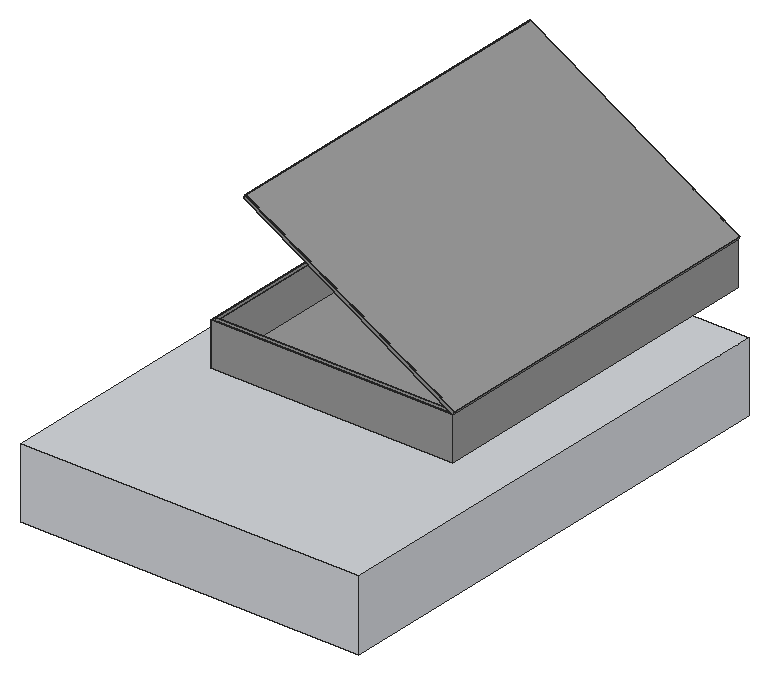
Revit family "Hager-Univers-IP54-D205-H550-Cl.I-Encl-CH-it", category Equipement électrique, Revit 2020
Family settings
  Hôte = Face
  Configuration du panneau = Deux colonnes, circuits au sein
  Cote de connecteur circulaire = Utiliser le diamètre
  Type d'élément = Tableau de raccordement
  Couper avec des vides une fois chargée = Non
  Partagée = Non
  Point de calcul de pièce = Non
Parameters (values of type "A parete IP54 L1050 A1550 P205  - FP04TW2")
  Width Control [instance] = if([EF000008 - Larghezza] > Min Width, [EF000008 - Larghezza], Min Width)  # 1050 mm
  Commentaires du type = [HG000003 - Gamma]  # "Univers"
  Thickness Door [instance] = if([EF009171 - spessore materiale porta/coperchio] > 3 mm, 3 mm, [EF009171 - spessore materiale porta/coperchio])  # 1 mm
  Seal Frame Offset [instance] = 17 mm  # constant formula
  Plinth Visibility [instance] = [HG000027 - Altezza dello zoccolo] > 0 mm  # no
  Model = ""
  Min Width [instance] = 100 mm  # constant formula
  Min Height [instance] = 100 mm  # constant formula
  Min Depth [instance] = (2 * [EF009170 - spessore materiale scatola]) + 1 mm  # 3 mm
  Internal Frame Depth [instance] = (Door System Depth * 0.5)  # 9 mm
  Height Control [instance] = if([EF000040 - Altezza] > Min Height, [EF000040 - Altezza], Min Height)  # 1550 mm
  HG000027 - Altezza dello zoccolo = 0 mm
  HG000026 - A pavimento = no
  HG000024 - Altezza della sezione inferiore = 800 mm
  HG000023 - Custodia a doppia sezione = no
  HG000016 - Visibilità delle porte nella vista 3D [instance] = yes
  HG000015 - Visibilità attraverso la porta [instance] = no
  HG000014 - Porta destra [instance] = yes
  HG000013 - Porta sinistra [instance] = not([HG000014 - Porta destra])  # no
  HG000012 - Angolo di apertura della porta [instance] = 30.00°
  HG000010 - Porte asimmetriche = no
  HG000009 - Porta doppia a battente = no
  HG000006 - Ad incasso = no
  HG000004 - Codice produttore = "FP04TW2"
  HG000003 - Gamma = "Univers"
  HG000002 - Con porta = yes
  Frame Offset Bottom [instance] = 10 mm  # constant formula
  Frame Offset [instance] = 15 mm  # constant formula
  EF015940 - Coprire con rilascio di sovrapressione = no
  EF011959 - tipo di protezione (NEMA) = ""
  EF009554 - numero delle aperture per la piastra della flangia = 8
  Fabricant = "Hager"  # constant formula
  EF009212 - esecuzione coperchio = "EV000116 - chiuso"
  EF009171 - spessore materiale porta/coperchio = 1 mm
  EF009170 - spessore materiale scatola = 1 mm
  EF008873 - corrente nominale (In) = 400 A
  EF007800 - adatto per parafulmine = no
  EF006306 - con serratura = no
  EF006244 - coperchio/porta trasparente = no
  EF005474 - grado di protezione (IP) = "EV006419 - IP54"
  EF004464 - tipo di porta = "EV003602 - doppio"
  EF004427 - numero di moduli = 480
  EF004293 - resistenza agli urti = "EV006815 - IK09"
  EF003532 - adatto per uso esterno = no
  EF002950 - Numero moduli DIN = 48
  EF001613 - Integrità del circuito = "EV000494 - senza"
  EF001596 - Attacco Lampada = "EV000179 - acciaio"
  EF001131 - profondità interna = 205 mm
  EF001088 - possibilità di applicazione = yes
  EF000437 - numero di ingressi per conduttori = 8
  EF000339 - tipo di copertura = "EV001012 - coperchio"
  EF000266 - numero di file = 10
  EF000218 - profondità di incasso = 205 mm
  EF000118 - con piastra di montaggio = no
  EF000116 - numero RAL = "9010"
  EF000049 - profondità = 205 mm
  EF000040 - Altezza = 1550 mm
  EF000008 - Larghezza = 1050 mm
  EF000007 - colore = "EV000202 - bianco"
  EF000003 - Tipo di montaggio = "EV000384 - A parete"
  Door System Leaf Tolerance [instance] = 1.5 mm  # constant formula
  Door System Depth [instance] = 18 mm  # constant formula
  Door Height [instance] = Height Control - [HG000027 - Altezza dello zoccolo]  # 1550 mm
  Depth Control [instance] = if([EF000049 - profondità] > Min Depth, [EF000049 - profondità], Min Depth)  # 205 mm
  Default Elevation = 0 mm
  Connector Offset [instance] = Height Control / 2  # 775 mm
  Bottom Top Plate Trim [instance] = 1.5 mm  # constant formula
  Plinth height Ctrl [instance] = if([HG000027 - Altezza dello zoccolo] > 0 mm, [HG000027 - Altezza dello zoccolo], 12 mm)  # 12 mm
Reference planes
  plane 1 "Center (Front/Back)": y = 0
  plane 2: z = 0
  plane 3 "Center (Left/Right)": x = 0
  plane 4: z = 205
  plane 5: y = 1
  plane 6: y = 775
  plane 7: y = 0
  plane 8: y = 1550
  plane 9: z = 0
  plane 10: x = -510
  plane 11: x = 510
  plane 12: x = 509
  plane 13: x = -509
  plane 14: y = 1549
  plane 15: x = -508
  plane 16: x = -525
  plane 17: x = 508
  plane 18: x = 525
  plane 19: x = 524
  plane 20: x = -524
  plane 21: y = 11
  plane 22: y = 1550
  plane 23: y = 1534
  plane 24: z = 187
  plane 25: z = 1
  plane 26: z = 186
  plane 27: z = 204
Forms (mm)
  Extrusion 1, solid
    sketch origin (0, 0, 0) x (1, 0, 0) y (0, 1, 0)
      loop
        line (-702.964, 1305) -> (-702.964, -811.445) -> (766.763, -811.445) -> (766.763, 1305) -> (-702.964, 1305)
    from 0 to -304.8
  Extrusion 2, solid, material "Hager_Steel_RAL7035_Light_Grey", visible <- "Plinth Visibility", detail levels medium+fine
    sketch origin (0, 0, 0) x (1, 0, 0) y (0, 1, 0)
      loop
        line (-525, 0) -> (525, 0) -> (525, 12) -> (-525, 12) -> (-525, 0)
    from 0 to 187
  Extrusion 3, solid, material "Hager_Steel_RAL7035_Light_Grey", detail levels medium+fine
    sketch origin (0, 0, 0) x (1, 0, 0) y (0, 1, 0)
      loop
        line (-525, 0) -> (525, 0) -> (525, 1550) -> (-525, 1550) -> (-525, 0)
    from 0 to 187
  Extrusion 4, void
    sketch origin (0, 0, 0) x (1, 0, 0) y (0, 1, 0)
      loop
        line (-524, 1) -> (524, 1) -> (524, 1549) -> (-524, 1549) -> (-524, 1)
    from 1 to 186
  Extrusion 5, void
    sketch origin (-381.607, -4572, 187) x (0, -1, 0) y (-1, 0, 0)
      loop
        line (-4583, 127.393) -> (-6106, 127.393) -> (-6106, -890.607) -> (-4583, -890.607) -> (-4583, 127.393)
    from 0 to 1 <- "EF009170 - spessore materiale scatola"
  Extrusion 6, solid, material "Hager_Steel_RAL7035_Light_Grey", detail levels fine
    sketch origin (0, 0, 187) x (1, 0, 0) y (0, 1, 0)
      loop
        line (-509, 1534) -> (-509, 11) -> (509, 11) -> (509, 1534) -> (-509, 1534)
      loop
        line (-510, 10) -> (510, 10) -> (510, 1535) -> (-510, 1535) -> (-510, 10)
    from 0 to 9 <- "Internal Frame Depth"
  Extrusion 7, solid, material "Hager_Steel_RAL7035_Light_Grey", detail levels coarse
    sketch origin (0, 0, 0) x (1, 0, 0) y (0, 1, 0)
      loop
        line (-525, 0) -> (525, 0) -> (525, 1550) -> (-525, 1550) -> (-525, 0)
    from 0 to 205
  Sweep 8, void
    path in 3D
      loop
        line (-525, 12, 0) -> (525, 12, 0) -> (525, 12, 187) -> (-525, 12, 187) -> (-525, 12, 0)
    profile origin (-525, 12, 93.5) x (-1, 0, 0) y (0, -1, 0)
      loop
        line (0, 0) -> (0, 1.5) -> (-1.5, 1.5)
        arc (-1.5, 1.5) -> (-1.061, 0.439) -> (0, 0) r 1.5
Cuts and joins
  Extrusion 4, Extrusion 5 cuts Extrusion 3
  Sweep 8 cuts Extrusion 2
Lines and regions (mm)
  Masking region 1
    outline origin (0, 0, 0) x (1, 0, 0) y (0, 0, 1)
      loop
        line (-525, 205) -> (-525, 0) -> (525, 0) -> (525, 205) -> (-525, 205)
  Masking region 2, detail levels medium+fine
    outline origin (0, 140, 0) x (0, 1, 0) y (0, 0, 1)
      loop
        line (-140, 0) -> (1410, 0) -> (1410, 187) -> (-140, 187) -> (-140, 0)
  Masking region 3, not visible, detail levels medium+fine
    outline origin (0, 297.922, 0) x (0, 1, 0) y (0, 0, 1)
      loop
        line (488.578, 0) -> (528.578, 0) -> (528.578, 194)
        arc (528.578, 194) -> (525.649, 201.071) -> (518.578, 204) r 10
        line (518.578, 204) -> (488.578, 204) -> (488.578, 0)
  Masking region 4, detail levels coarse
    outline origin (0, 0, 180) x (0, 1, 0) y (0, 0, 1)
      loop
        line (0, -180) -> (1550, -180) -> (1550, 25) -> (0, 25) -> (0, -180)
  Masking region 5, visible <- "Plinth Visibility", detail levels medium+fine
    outline origin (0, 52.24, 12.345) x (0, 0, -1) y (0, 1, 0)
      loop
        line (10.845, -40.24) -> (-173.155, -40.24)
        arc (-173.155, -40.24) -> (-173.594, -41.301) -> (-174.655, -41.74) r 1.5
        line (-174.655, -41.74) -> (-174.655, -52.24) -> (12.345, -52.24) -> (12.345, -41.74)
        arc (12.345, -41.74) -> (11.285, -41.301) -> (10.845, -40.24) r 1.5
  Masking region 6, detail levels medium+fine
    outline origin (-381.607, -4572, 187) x (-1, 0, 0) y (0, -1, 0)
      loop
        line (143.393, -6122) -> (143.393, -4572) -> (-906.607, -4572) -> (-906.607, -6122) -> (143.393, -6122)
  Masking region 7, visible <- "Plinth Visibility", detail levels medium+fine
    outline origin (-381.607, -4727, 187) x (-1, 0, 0) y (0, -1, 0)
      loop
        arc (141.893, -4739) -> (142.332, -4737.939) -> (143.393, -4737.5) r 1.5
        line (143.393, -4737.5) -> (143.393, -4727) -> (-906.607, -4727) -> (-906.607, -4737.5)
        arc (-906.607, -4737.5) -> (-905.546, -4737.939) -> (-905.107, -4739) r 1.5
        line (-905.107, -4739) -> (141.893, -4739)
  Masking region 8, detail levels coarse
    outline origin (-442.548, -4669.526, 187) x (-1, 0, 0) y (0, -1, 0)
      loop
        line (82.452, -6219.526) -> (82.452, -4669.526) -> (-967.548, -4669.526) -> (-967.548, -6219.526) -> (82.452, -6219.526)
  sketch lines
    curve 1: line (-525, 12, 187) -> (-525, 12, 0)
    curve 2: line (525, 12, 187) -> (-525, 12, 187)
    curve 3: line (525, 12, 187) -> (525, 12, 0)
    curve 4: line (-525, 12, 0) -> (525, 12, 0)
Dimensions and locks
  "Depth Control": plane 4 to Extrusion 1
  "HG000027 - Altezza dello zoccolo": plane 1 "Center (Front/Back)" to plane 7
  "EF009170 - spessore materiale scatola": plane 5 to plane 7
  locked: connector elem to plane 3 "Center (Left/Right)"
  equal spacing: plane 8, plane 6, plane 7
  locked: connector elem to plane 6
  "EF009170 - spessore materiale scatola": plane 8 to plane 14
  "EF009170 - spessore materiale scatola": plane 10 to plane 13
  "EF009170 - spessore materiale scatola": plane 12 to plane 11
  "Frame Offset": plane 20 to plane 13
  "Frame Offset": plane 12 to plane 19
  "EF009170 - spessore materiale scatola": plane 16 to plane 20
  "EF009170 - spessore materiale scatola": plane 19 to plane 18
  "Seal Frame Offset": plane 16 to plane 15
  "Seal Frame Offset": plane 17 to plane 18
  "Frame Offset Bottom": plane 21 to plane 5
  "Frame Offset": plane 14 to plane 23
  equal spacing: plane 16, plane 3 "Center (Left/Right)", plane 18
  "Width Control": plane 16 to plane 18
  "EF009170 - spessore materiale scatola": plane 4 to plane 27
  "EF009170 - spessore materiale scatola": plane 24 to plane 26
  "EF009170 - spessore materiale scatola": plane 25 to level
  "Door System Depth": plane 4 to plane 24
  "Height Control": plane 1 "Center (Front/Back)" to Extrusion 7 sketch curve
  "Height Control": Masking region 4 sketch curve to plane 1 "Center (Front/Back)"
  "Height Control": plane 1 "Center (Front/Back)" to plane 22
  "Bottom Top Plate Trim": profile plane to Sweep 8 sketch curve
  "Bottom Top Plate Trim": Sweep 8 sketch curve to profile plane
  "Plinth height Ctrl": plane 1 "Center (Front/Back)" to Extrusion 2 sketch curve
  "Plinth height Ctrl": Masking region 5 sketch curve to plane 1 "Center (Front/Back)"
  "Plinth height Ctrl": plane 1 "Center (Front/Back)" to Masking region 7 sketch curve
  "Thickness Door": Extrusion 6 sketch curve to Extrusion 6 sketch curve  (x3)
  "Thickness Door": cut or joined group of Extrusion 3, Extrusion 4, Extrusion 5 to Extrusion 6 sketch curve
  radius of Masking region 3 sketch curve = 10 mm
  "Bottom Top Plate Trim": radius of Masking region 5 sketch curve  (x2)
  "Bottom Top Plate Trim": radius of Sweep 8 sketch curve
  "Bottom Top Plate Trim": radius of Masking region 7 sketch curve  (x2)
  aligned and locked: plane 2 to Extrusion 1
  aligned and locked: level to Extrusion 1
  aligned and locked: level to Masking region 1 sketch curve
  aligned and locked: Masking region 1 sketch curve to plane 18
  aligned and locked: Masking region 1 sketch curve to plane 16
  aligned and locked: plane 7 to Masking region 2 sketch curve
  aligned and locked: level to Masking region 3 sketch curve
  aligned and locked: Masking region 3 sketch curve to plane 27
  aligned and locked: level to Masking region 2 sketch curve
  aligned and locked: plane 1 "Center (Front/Back)" to Extrusion 2 sketch curve
  aligned and locked: Extrusion 3 sketch curve to plane 7
  aligned and locked: plane 16 to Extrusion 3 sketch curve
  aligned and locked: plane 18 to Extrusion 3 sketch curve
  aligned and locked: plane 20 to Extrusion 4 sketch curve
  aligned and locked: plane 19 to Extrusion 4 sketch curve
  aligned and locked: Extrusion 4 sketch curve to plane 5
  aligned and locked: Extrusion 4 to plane 25
  aligned and locked: plane 26 to Extrusion 4
  aligned and locked: plane 24 to Extrusion 3
  aligned and locked: Extrusion 5 sketch curve to plane 21
  aligned and locked: Extrusion 5 sketch curve to plane 13
  aligned and locked: Extrusion 5 sketch curve to plane 12
  aligned and locked: plane 18 to Extrusion 7 sketch curve
  aligned and locked: plane 1 "Center (Front/Back)" to Extrusion 7 sketch curve
  aligned and locked: plane 16 to Extrusion 7 sketch curve
  aligned and locked: plane 4 to Extrusion 7
  aligned and locked: Extrusion 7 to level
  aligned and locked: level to Masking region 4 sketch curve
  aligned and locked: Masking region 4 sketch curve to plane 1 "Center (Front/Back)"
  aligned and locked: Masking region 4 sketch curve to plane 4
  aligned and locked: nested 1 to level
  aligned and locked: nested 1 to plane 16
  aligned and locked: Extrusion 3 sketch curve to plane 8
  aligned and locked: Extrusion 5 sketch curve to plane 23
  aligned and locked: Extrusion 4 sketch curve to plane 14
  aligned and locked: Masking region 2 sketch curve to plane 8
  aligned and locked: level to Masking region 5 sketch curve
  aligned and locked: plane 16 to Extrusion 2 sketch curve
  aligned and locked: plane 18 to Extrusion 2 sketch curve
  aligned and locked: Masking region 5 sketch curve to plane 24
  aligned and locked: Masking region 2 sketch curve to plane 24
  aligned and locked: plane 24 to Extrusion 2
  aligned and locked: profile plane to Sweep 8 sketch curve  (x2)
  aligned and locked: Masking region 6 sketch curve to plane 18
  aligned and locked: Masking region 6 sketch curve to plane 22
  aligned and locked: Masking region 6 sketch curve to plane 16
  aligned and locked: plane 8 to plane 22
  aligned and locked: Masking region 6 sketch curve to plane 7
  aligned and locked: Masking region 7 sketch curve to plane 16
  aligned and locked: Masking region 7 sketch curve to plane 1 "Center (Front/Back)"
  aligned and locked: Masking region 7 sketch curve to plane 18
  aligned and locked: Masking region 8 sketch curve to plane 1 "Center (Front/Back)"
  aligned and locked: Masking region 8 sketch curve to plane 18
  aligned and locked: Masking region 8 sketch curve to plane 22
  aligned and locked: Masking region 8 sketch curve to plane 16
  aligned and locked: nested 2 to plane 7
  aligned and locked: plane 3 "Center (Left/Right)" to nested 2
  aligned and locked: nested 2 to plane 24
  aligned and locked: Extrusion 6 sketch curve to cut or joined group of Extrusion 3, Extrusion 4, Extrusion 5  (x4)
Automatic sketch dimensions
  Extrusion 1 sketch curve to Extrusion 1 sketch curve = 1469.727 mm
  Extrusion 1 sketch curve to Extrusion 1 sketch curve = 2116.445 mm
  Masking region 1 sketch curve to plane 4 = 0 mm
  plane 6 to Masking region 3 sketch curve = 11.5 mm
  Masking region 3 sketch curve to Masking region 3 sketch curve = 30 mm
  Masking region 5 sketch curve to plane 1 "Center (Front/Back)" = 0 mm
Nested families
  nested 1: "Hager_Enclosure_Symbol" at (-525, 0, 0) x (1, 0, 0) z (0, -1, 0), Height <- "Depth Control", Width <- "Width Control", type "Hager_Enclosure_Symbol"
    with Width_Ctrl 1050 mm, Width 1050 mm, Height_Ctrl 205 mm, Height 205 mm, A_Width_Int 13.453 mm, A_Width 161.438 mm, A_Height_Ctrl 179.375 mm, A_Height 179.375 mm
  nested 2: "EC000058_Univers_Door" at (0, 0, 187) x (1, 0, 0) z (0, 1, 0), Leaf_Tolerance <- "Door System Leaf Tolerance", Angle <- "HG000012 - Angolo di apertura della porta", Door_Depth <- "Door System Depth", Door_Left <- "HG000013 - Porta sinistra", Transparent <- "EF006244 - coperchio/porta trasparente", Assymetrical <- "HG000010 - Porte asimmetriche", Width <- "Width Control", Clearance <- "HG000015 - Visibilità attraverso la porta", Double <- "HG000009 - Porta doppia a battente", 3d_Door <- "HG000016 - Visibilità delle porte nella vista 3D", Lock_Visibility <- "EF006306 - con serratura", Width_Ctrl <- "Width Control", Door_Right <- "HG000014 - Porta destra", Door <- "HG000002 - Con porta", Height <- "Door Height", Thickness <- "Thickness Door", type "EC000058_Univers_Door", detail levels medium+fine
    with min_wh 3 mm, Width_Ctrl 1050 mm, Width 1050 mm, Transparent no, Thickness 1 mm, Seal_Material Hager_Rubber, Lock_Visibility no, Lock_Material Hager_Plastic_RAL9005_Jet_Black, Leaf_Width 1050 mm, Leaf_Tolerance_External_Sides 0 mm, Leaf_Tolerance 1.5 mm, Leaf_Offset 0 mm, Leaf_Height 1547 mm, Leaf_2_Width 1050 mm, Leaf_2_Offset 525 mm, Leaf_1_Width 1050 mm, Leaf_1_Offset 525 mm, Height_Ctrl 1550 mm, Height 1550 mm, Glass_Material Hager_Glass, Double_Clearance_Ctrl no, Double no, Door_Right_Ctrl yes, Door_Right yes, Door_Material Hager_Steel_RAL7035_Light_Grey, Door_Left_Ctrl no, Door_Left no, Door_Depth 18 mm, Door yes, Clearance_Material Hager_Clearance, Clearance_Depth 1050 mm, Clearance_Ctrl no, Clearance no, Assymetrical no, Angle 30.00°, 3d_Door yes
Connectors
  electrical at (0, 775, 0)
    settings: on plane 9, index 1, voltage 0 V, apparent load 0 VA, apparent load phase1 0 VA, apparent load phase2 0 VA, apparent load phase3 0 VA, power factor 1, load classification "Other", number of poles 1, system type 30, power factor state 1, is connector primary yes, connector utility no, sub classification motor no, connector description ""
Definition of nested family "EC000058_Univers_Door"
  Parameters (values of type "EC000058_Univers_Door")
    min_wh [instance] = (2 * Thickness) + 1 mm  # 11 mm
    Width_Ctrl [instance] = 400 mm
    Width [instance] = 500 mm
    Transparent [instance] = yes
    Thickness [instance] = 5 mm
    Seal_Material [instance] = none
    Lock_Visibility [instance] = yes
    Lock_Material [instance] = none
    Leaf_Width [instance] = if((Width_Ctrl - 2 * Leaf_Tolerance_External_Sides) > 0 mm, (Width_Ctrl - 2 * Leaf_Tolerance_External_Sides), min_wh)  # 400 mm
    Leaf_Tolerance_External_Sides [instance] = 0 mm  # constant formula
    Leaf_Tolerance [instance] = 1.5 mm
    Leaf_Offset [instance] = 0 mm  # constant formula
    Leaf_Height [instance] = if((Height_Ctrl - 2 * Leaf_Tolerance) > 0 mm, (Height_Ctrl - 2 * Leaf_Tolerance), min_wh)  # 497 mm
    Leaf_2_Width [instance] = if(and(and(Double, Assymetrical), Door_Left), (Leaf_Width / 3) - (Leaf_Tolerance / 2), if(and(and(Double, Assymetrical), Door_Right), (Leaf_Width / 3) * 2 - (Leaf_Tolerance / 2), if(and(Double, not(Assymetrical)), (Leaf_Width / 2) - Leaf_Tolerance, Leaf_Width)))  # 400 mm
    Leaf_2_Offset [instance] = if(and(Double, Assymetrical), Leaf_2_Width / 2, if(and(Double, not(Assymetrical)), Leaf_Width / 4, Leaf_Width / 2))  # 200 mm
    Leaf_1_Width [instance] = if(and(and(Double, Assymetrical), Door_Right), (Leaf_Width / 3) - (Leaf_Tolerance / 2), if(and(and(Double, Assymetrical), Door_Left), (Width / 3) * 2 - (Leaf_Tolerance / 2), if(and(Double, not(Assymetrical)), (Leaf_Width / 2) - Leaf_Tolerance, Leaf_Width)))  # 400 mm
    Leaf_1_Offset [instance] = if(and(Double, Assymetrical), Leaf_1_Width / 2, if(and(Double, not(Assymetrical)), Leaf_Width / 4, Leaf_Width / 2))  # 200 mm
    Height_Ctrl [instance] = if(Height > min_wh, Height, min_wh)  # 500 mm
    Height [instance] = 500 mm
    Glass_Material [instance] = none
    Double_Clearance_Ctrl [instance] = and(Double, Clearance)  # no
    Double [instance] = no
    Door_Right_Ctrl [instance] = and(or(Door_Right, Double), Door)  # yes
    Door_Right [instance] = yes
    Door_Material [instance] = none
    Door_Left_Ctrl [instance] = and(or(Door_Left, Double), Door)  # no
    Door_Left [instance] = no
    Door_Depth [instance] = 30 mm
    Door [instance] = yes
    Default Elevation = 1219.2 mm
    Clearance_Material [instance] = none
    Clearance_Depth [instance] = if(Leaf_1_Width > Leaf_2_Width, Leaf_1_Width, Leaf_2_Width)  # 400 mm
    Clearance_Ctrl [instance] = and(not(Double), Clearance)  # yes
    Clearance [instance] = yes
    Assymetrical [instance] = yes
    Angle [instance] = 30.00°
    3d_Door [instance] = yes
  Reference planes
    plane 1 "Center (Front/Back)": y = 0
    plane 2 "Bottom": z = 0
    plane 3 "Center (Left/Right)": x = 0
    plane 4: z = 500
    plane 5: x = -200
    plane 6: x = 200
    plane 7: z = 500
    plane 8: x = -200
    plane 9: z = 0
    plane 10: x = 200
    plane 11: y = 0
    plane 12: z = 1.5
    plane 13: x = -600
    plane 14: y = -400
    plane 15: x = 600
    plane 16: x = 0
    plane 17: x = 0
    plane 18: x = -200
    plane 19: x = 200
    plane 20: z = 498.5
  Forms (mm)
    Extrusion 1, solid, material <- "Clearance_Material", visible <- "Double_Clearance_Ctrl"
      sketch origin (1200, 0, 0) x (1, 0, 0) y (0, 0, -1)
        loop
          line (-1800, -498.5) -> (-600, -498.5) -> (-600, 0) -> (-1800, 0) -> (-1800, -498.5)
      from 0 to -400
  Dimensions and locks
    equal spacing: plane 5, plane 3 "Center (Left/Right)", plane 6
    "Width_Ctrl": plane 5 to plane 6
    "Leaf_Offset": plane 5 to plane 8
    "Leaf_Offset": plane 6 to plane 10
    "Leaf_Offset": plane 9 to level
    "Leaf_Offset": plane 4 to plane 7
    "Height_Ctrl": plane 4 to level
    "Leaf_Tolerance": plane 12 to plane 9
    locked: plane 11 to plane 1 "Center (Front/Back)"
    "Leaf_1_Offset": plane 18 to plane 16
    "Leaf_2_Offset": plane 17 to plane 19
    "Leaf_1_Width": plane 13 to plane 8
    "Leaf_2_Width": plane 10 to plane 15
    "Clearance_Depth": plane 14 to plane 1 "Center (Front/Back)"
    "Leaf_Tolerance_External_Sides": plane 8 to plane 18
    "Leaf_Tolerance_External_Sides": plane 19 to plane 10
    "Leaf_Tolerance": plane 7 to plane 20
    aligned and locked: level to plane 2 "Bottom"
    aligned and locked: nested 1 to plane 16
    aligned and locked: nested 2 to plane 17
    aligned and locked: Extrusion 1 to plane 13
    aligned and locked: plane 15 to Extrusion 1
    aligned and locked: Extrusion 1 to plane 14
    aligned and locked: plane 12 to nested 1
    aligned and locked: nested 2 to plane 12
    aligned and locked: Extrusion 1 to plane 11
    aligned and locked: plane 20 to Extrusion 1
    aligned and locked: nested 2 to plane 11
    aligned and locked: nested 1 to plane 11
  Automatic sketch dimensions
    Extrusion 1 sketch curve to level = 0 mm
    plane 5 to Extrusion 1 sketch curve = 400 mm
    plane 6 to Extrusion 1 sketch curve = 400 mm
    Extrusion 1 sketch curve to plane 4 = 1.5 mm
  Nested families
    nested 1: "EC000058_Univers_Door_Leaf" at (0, 0, 1.5), Width <- "Leaf_1_Width", visible <- "Door_Left_Ctrl", Leaf_Height <- "Leaf_Height", Angle <- "Angle", 3d_Door <- "3d_Door", Transparent <- "Transparent", Clearance Material <- "Clearance_Material", Clearance <- "Clearance_Ctrl", Door_Material <- "Door_Material", Glass_Material <- "Glass_Material", Door_Depth <- "Door_Depth", Lock_Material <- "Lock_Material", Seal_Material <- "Seal_Material", Lock_Visibility <- "Lock_Visibility", Thickness <- "Thickness", type "EC000058_Univers_Door_Leaf"
      with Width 400 mm, Transparent_Glass_Offset 30 mm, Transparent_Ctrl yes, Transparent yes, Thickness 5 mm, Standard no, Seal_Material none, Seal_D2 8 mm, Seal_D1 1 mm, Offset_Internal_Frame 10 mm, Lock_Width 20 mm, Lock_Visibility_3d yes, Lock_Visibility yes, Lock_Thickness_3 3 mm, Lock_Thickness_2 1 mm, Lock_Thickness_1 3 mm, Lock_Radius_Offset_2 16 mm, Lock_Radius_Offset_1 15 mm, Lock_Radius_2 5 mm, Lock_Radius 6 mm, Lock_Offset 5 mm, Lock_Material none, Lock_Height 80 mm, Lock_Cover_Top_Offset_2d 17 mm, Lock_Cover_Height -65 mm, Leaf_Height 497 mm, Internal_Seal_Thickness 8 mm, Internal_Seal_Depth_2 4.5 mm, Internal_Frame_Depth 25 mm, Glass_Thickness -1 mm, Glass_Offset -2 mm, Glass_Material none, Door_Material none, Door_Depth 30 mm, Clearance Material none, Clearance yes, Angle_Ctrl 30.00°, Angle 30.00°, 3d_Door yes
    nested 2: "EC000058_Univers_Door_Leaf" at (0, 0, 1.5) x (-1, 0, 0) z (0, 0, 1), Width <- "Leaf_2_Width", visible <- "Door_Right_Ctrl", Leaf_Height <- "Leaf_Height", Angle <- "Angle", 3d_Door <- "3d_Door", Transparent <- "Transparent", Clearance Material <- "Clearance_Material", Clearance <- "Clearance_Ctrl", Door_Material <- "Door_Material", Glass_Material <- "Glass_Material", Door_Depth <- "Door_Depth", Lock_Material <- "Lock_Material", Seal_Material <- "Seal_Material", Lock_Visibility <- "Lock_Visibility", Thickness <- "Thickness", type "EC000058_Univers_Door_Leaf"
      with Width 400 mm, Transparent_Glass_Offset 30 mm, Transparent_Ctrl yes, Transparent yes, Thickness 5 mm, Standard no, Seal_Material none, Seal_D2 8 mm, Seal_D1 1 mm, Offset_Internal_Frame 10 mm, Lock_Width 20 mm, Lock_Visibility_3d yes, Lock_Visibility yes, Lock_Thickness_3 3 mm, Lock_Thickness_2 1 mm, Lock_Thickness_1 3 mm, Lock_Radius_Offset_2 16 mm, Lock_Radius_Offset_1 15 mm, Lock_Radius_2 5 mm, Lock_Radius 6 mm, Lock_Offset 5 mm, Lock_Material none, Lock_Height 80 mm, Lock_Cover_Top_Offset_2d 17 mm, Lock_Cover_Height -65 mm, Leaf_Height 497 mm, Internal_Seal_Thickness 8 mm, Internal_Seal_Depth_2 4.5 mm, Internal_Frame_Depth 25 mm, Glass_Thickness -1 mm, Glass_Offset -2 mm, Glass_Material none, Door_Material none, Door_Depth 30 mm, Clearance Material none, Clearance yes, Angle_Ctrl 30.00°, Angle 30.00°, 3d_Door yes
  Definition of nested family "EC000058_Univers_Door_Leaf"
    Parameters (values of type "EC000058_Univers_Door_Leaf")
      Width [instance] = 2000 mm
      Transparent_Glass_Offset [instance] = 30 mm
      Transparent_Ctrl [instance] = and(Transparent, [3d_Door])  # yes
      Transparent [instance] = yes
      Thickness [instance] = 5 mm
      Standard [instance] = and(not(Transparent), [3d_Door])  # no
      Seal_Material [instance] = none
      Seal_D2 [instance] = 8 mm  # constant formula
      Seal_D1 [instance] = 1 mm  # constant formula
      Offset_Internal_Frame [instance] = 10 mm  # constant formula
      Lock_Width [instance] = 20 mm  # constant formula
      Lock_Visibility_3d [instance] = and(Lock_Visibility, [3d_Door])  # yes
      Lock_Visibility [instance] = yes
      Lock_Thickness_3 [instance] = 3 mm  # constant formula
      Lock_Thickness_2 [instance] = 1 mm  # constant formula
      Lock_Thickness_1 [instance] = 3 mm  # constant formula
      Lock_Radius_Offset_2 [instance] = Lock_Radius_Offset_1 + 1 mm  # 16 mm
      Lock_Radius_Offset_1 [instance] = 15 mm  # constant formula
      Lock_Radius_2 [instance] = Lock_Radius - 1 mm  # 5 mm
      Lock_Radius [instance] = 6 mm  # constant formula
      Lock_Offset [instance] = 5 mm  # constant formula
      Lock_Material [instance] = none
      Lock_Height [instance] = 80 mm  # constant formula
      Lock_Cover_Top_Offset_2d [instance] = Lock_Radius_Offset_2 + 1 mm  # 17 mm
      Lock_Cover_Height [instance] = -(Lock_Height - Lock_Radius_Offset_1)  # -65 mm
      Leaf_Height [instance] = 2720.336 mm
      Internal_Seal_Thickness [instance] = 8 mm  # constant formula
      Internal_Seal_Depth_2 [instance] = 4.5 mm  # constant formula
      Internal_Frame_Depth [instance] = if(Door_Depth - Thickness > 5 mm, Door_Depth - Thickness, 5 mm)  # 25 mm
      Glass_Thickness [instance] = if(Thickness > 15 mm, Glass_Offset + 10 mm, -1 mm)  # -1 mm
      Glass_Offset [instance] = if(Thickness > 15 mm, -(Thickness + 10 mm) / 2, -2 mm)  # -2 mm
      Glass_Material [instance] = none
      Door_Material [instance] = none
      Door_Depth [instance] = 30 mm
      Default Elevation = 0 mm
      Clearance Material [instance] = none
      Clearance [instance] = yes
      Angle_Ctrl [instance] = if(Angle > 180.00°, 180.00°, Angle)  # 90.00°
      Angle [instance] = 90.00°
      3d_Door [instance] = yes
    Reference planes
      plane 1 "Center (Front/Back)": y = 0
      plane 2: z = 0
      plane 3 "Center (Left/Right)": x = 0
      plane 4: y = 2000
      plane 5: x = -1000
      plane 6: x = 1000
      plane 7: x = -3000
      plane 8: z = 2720.336
      plane 9: z = 30
      plane 10: z = 2690.336
      plane 11: x = 970
      plane 12: x = -970
      plane 13: y = -3
      plane 14: z = 107.833
      plane 15: y = -5
      plane 16: y = -223.314
      plane 17: x = -1000
      plane 18: z = 1360.168
      plane 19: y = 30
    Forms (mm)
      Extrusion 1, solid, material <- "Clearance Material", visible <- "Clearance"
        sketch origin (0, 0, 0) x (1, 0, 0) y (0, 0, 1)
          loop
            line (-3000, 2720.336) -> (-3000, 0) -> (1000, 0) -> (1000, 2720.336) -> (-3000, 2720.336)
        from 0 to -2000
      Extrusion 2, solid, material <- "Door_Material", visible <- "Standard", detail levels medium+fine
        sketch origin (-1000, 0, 0) x (0, 1, 0) y (-1, 0, 0)
          loop
            line (0, 30) -> (0, 25) -> (2000, 25) -> (2000, 30) -> (0, 30)
        from 0 to 2720.336 <- "Leaf_Height"
      Extrusion 3, solid, material <- "Door_Material", visible <- "Transparent_Ctrl", detail levels medium+fine
        sketch origin (-1000, 0, 0) x (0, 1, 0) y (-1, 0, 0)
          loop
            line (0, 25) -> (2000, 25) -> (2000, 30) -> (0, 30) -> (0, 25)
        from 0 to 2720.336 <- "Leaf_Height"
      Extrusion 4, void
        sketch origin (-1025, 2000, 0) x (0, 1, 0) y (0, 0, -1)
          loop
            line (-30, -2690.336) -> (-30, -30) -> (-1970, -30) -> (-1970, -2690.336) -> (-30, -2690.336)
        from 0 to 5 <- "Thickness"
      Sweep 5, solid, material <- "Seal_Material", visible <- "Transparent_Ctrl", detail levels fine
        path in 3D
          loop
            line (-1025, 30, 30) -> (-1025, 30, 2690.336) -> (-1025, 1970, 2690.336) -> (-1025, 1970, 30) -> (-1025, 30, 30)
        profile origin (-1025, 1000, 30) x (1, 0, 0) y (0, 0, 1)
          loop
            line (0, 0) -> (0, -8) -> (1, -8) -> (1, 0) -> (0, 0)
      Extrusion 6, solid, material <- "Glass_Material", visible <- "Transparent_Ctrl", detail levels medium+fine
        sketch origin (-1030, 0, 0) x (0, 1, 0) y (0, 0, -1)
          loop
            line (1970, -2690.336) -> (1970, -30) -> (30, -30) -> (30, -2690.336) -> (1970, -2690.336)
        from -2 <- "Glass_Offset" to -1 <- "Glass_Thickness"
      Extrusion 7, solid, material <- "Door_Material", visible <- "3d_Door", detail levels medium+fine
        sketch origin (-1025, 2000, 0) x (0, -1, 0) y (0, 0, -1)
          loop
            line (0, -2720.336) -> (2000, -2720.336) -> (2000, 0) -> (0, 0) -> (0, -2720.336)
          loop
            line (1995, -5) -> (5, -5) -> (5, -2715.336) -> (1995, -2715.336) -> (1995, -5)
        from 0 to 25 <- "Internal_Frame_Depth"
      Sweep 8, solid, material <- "Seal_Material", visible <- "Transparent_Ctrl", detail levels fine
        path in 3D
          loop
            line (-1025, 0, 0) -> (-1025, 2000, 0) -> (-1025, 2000, 2720.336) -> (-1025, 0, 2720.336) -> (-1025, 0, 0)
        profile origin (-1025, 0, 1360.168) x (1, 0, 0) y (0, 1, 0)
          loop
            line (0, 10) -> (2.975, 10)
            arc (2.975, 10) -> (4.053, 10.447) -> (4.5, 11.525) r 1.525
            line (4.5, 11.525) -> (4.5, 16.527)
            arc (4.5, 16.527) -> (4.069, 17.569) -> (3.027, 18) r 1.473
            line (3.027, 18) -> (0, 18) -> (0, 10)
      Extrusion 9, solid, material <- "Lock_Material", visible <- "Lock_Visibility_3d", detail levels fine
        sketch origin (-1030, 0, 0) x (0, 1, 0) y (0, 0, -1)
          loop
            arc (1993.5, -1400.168) -> (1994.561, -1399.729) -> (1995, -1398.668) r 1.5
            line (1995, -1398.668) -> (1995, -1320.168) -> (1975, -1320.168) -> (1975, -1398.668)
            arc (1975, -1398.668) -> (1975.439, -1399.729) -> (1976.5, -1400.168) r 1.5
            line (1976.5, -1400.168) -> (1993.5, -1400.168)
        from 3 <- "Lock_Thickness_1" to 0
      Blend 10, solid, material <- "Lock_Material", visible <- "Lock_Visibility_3d", detail levels fine
        base sketch origin (-1033, 0, 0) x (0, 1, 0) y (0, 0, -1)
          loop
            line (1975, -1320.168) -> (1975, -1398.668)
            arc (1975, -1398.668) -> (1975.439, -1399.729) -> (1976.5, -1400.168) r 1.5
            line (1976.5, -1400.168) -> (1993.5, -1400.168)
            arc (1993.5, -1400.168) -> (1994.561, -1399.729) -> (1995, -1398.668) r 1.5
            line (1995, -1398.668) -> (1995, -1320.168) -> (1975, -1320.168)
        top sketch origin (-1033, 0, 0) x (0, 1, 0) y (0, 0, -1)
          loop
            line (1976, -1320.168) -> (1976, -1398.668)
            arc (1976, -1398.668) -> (1976.146, -1399.022) -> (1976.5, -1399.168) r 0.5
            line (1976.5, -1399.168) -> (1993.5, -1399.168)
            arc (1993.5, -1399.168) -> (1993.854, -1399.022) -> (1994, -1398.668) r 0.5
            line (1994, -1398.668) -> (1994, -1320.168) -> (1976, -1320.168)
        from 0 to 1 <- "Lock_Thickness_2"
      Blend 11, solid, material <- "Lock_Material", visible <- "Lock_Visibility_3d", detail levels fine
        base sketch origin (-1034, 0, 0) x (0, 1, 0) y (0, 0, -1)
          loop
            line (1978, -1320.168) -> (1978, -1384.168)
            arc (1978, -1384.168) -> (1985, -1391.168) -> (1992, -1384.168) r 7
            line (1992, -1384.168) -> (1992, -1320.168) -> (1978, -1320.168)
        top sketch origin (-1034, 0, 0) x (0, 1, 0) y (0, 0, -1)
          loop
            line (1991, -1320.168) -> (1979, -1320.168) -> (1979, -1383.168)
            arc (1979, -1383.168) -> (1985, -1389.168) -> (1991, -1383.168) r 6
            line (1991, -1383.168) -> (1991, -1320.168)
        from 0 to 3 <- "Lock_Thickness_3"
      Extrusion 12, solid, material <- "Lock_Material", visible <- "Lock_Visibility_3d", detail levels fine
        sketch origin (-1030, 1975, 1320.168) x (1, 0, 0) y (0, -1, 0)
          loop
            line (-7, -19) -> (-7, -1) -> (0, -1) -> (0, 0) -> (-8, 0) -> (-8, -20) -> (0, -20) -> (0, -19) -> (-7, -19)
        from 0 to -65 <- "Lock_Cover_Height"
      Extrusion 13, void
        sketch origin (-1038, 1995, 1320.168) x (-1, 0, 0) y (0, 0, -1)
          loop
            line (-5, -65) -> (0, -65) -> (-5, -60) -> (-5, -65)
        from 0 to 20 <- "Lock_Width"
      Extrusion 14, void
        sketch origin (-1038, 1975, 1320.168) x (0, -1, 0) y (0, 0, -1)
          loop
            circle (-10, -15.995) r 6
          loop
            circle (-10, -15.995) r 5
        from 0 to 2
      Extrusion 15, solid, material <- "Lock_Material", visible <- "Lock_Visibility_3d", detail levels medium
        sketch origin (-1030, 0, 0) x (0, 1, 0) y (0, 0, -1)
          loop
            arc (1993.5, -1400.168) -> (1994.561, -1399.729) -> (1995, -1398.668) r 1.5
            line (1995, -1398.668) -> (1995, -1320.168) -> (1975, -1320.168) -> (1975, -1398.668)
            arc (1975, -1398.668) -> (1975.439, -1399.729) -> (1976.5, -1400.168) r 1.5
            line (1976.5, -1400.168) -> (1993.5, -1400.168)
        from 8 to 0
    Cuts and joins
      Extrusion 4 cuts Extrusion 3
      Extrusion 13, Extrusion 14 cuts Extrusion 9
      Extrusion 14 cuts Blend 11
      Extrusion 13, Extrusion 14 cuts Extrusion 12
      joined: Extrusion 9, Blend 10, Blend 11, Extrusion 12
      Extrusion 14 cuts Extrusion 15
    Lines and regions (mm)
      Masking region 1, visible <- "Lock_Visibility", detail levels fine
        outline origin (0, 0, 0) x (0, 1, 0) y (0, 0, 1)
          loop
            line (30, 1320.168) -> (33, 1320.168) -> (33, 1400.168) -> (30, 1400.168) -> (30, 1320.168)
      Masking region 2, visible <- "Lock_Visibility", detail levels fine
        outline origin (0, 3.143, 0) x (0, 1, 0) y (0, 0, 1)
          loop
            line (29.857, 1354.168) -> (30.857, 1354.168) -> (30.857, 1366.168) -> (29.857, 1366.168) -> (29.857, 1354.168)
      Masking region 3, detail levels medium+fine
        outline origin (0, 0, 0) x (0, 1, 0) y (0, 0, 1)
          loop
            line (0, 0) -> (30, 0) -> (30, 2720.336) -> (0, 2720.336) -> (0, 0)
      Masking region 4, detail levels medium+fine
        outline origin (0, 0, 0) x (1, 0, 0) y (0, 0, 1)
          loop
            line (-1000, 2720.336) -> (-1000, 0) -> (1000, 0) -> (1000, 2720.336) -> (-1000, 2720.336)
      Masking region 5, visible <- "Lock_Visibility", detail levels fine
        outline origin (-47.116, 0, 0) x (1, 0, 0) y (0, 0, 1)
          loop
            arc (1024.616, 1399.168) -> (1023.556, 1398.729) -> (1023.116, 1397.668) r 1.5
            line (1023.116, 1397.668) -> (1023.116, 1320.168) -> (1041.116, 1320.168) -> (1041.116, 1397.668)
            arc (1041.116, 1397.668) -> (1040.677, 1398.729) -> (1039.616, 1399.168) r 1.5
            line (1039.616, 1399.168) -> (1024.616, 1399.168)
      Masking region 6, visible <- "Lock_Visibility", detail levels medium+fine
        outline origin (-25, 0, 0) x (1, 0, 0) y (0, 0, 1)
          loop
            arc (1001.5, 1400.168) -> (1000.439, 1399.729) -> (1000, 1398.668) r 1.5
            line (1000, 1398.668) -> (1000, 1320.168) -> (1020, 1320.168) -> (1020, 1398.668)
            arc (1020, 1398.668) -> (1019.561, 1399.729) -> (1018.5, 1400.168) r 1.5
            line (1018.5, 1400.168) -> (1001.5, 1400.168)
      Masking region 7, visible <- "Lock_Visibility", detail levels fine
        outline origin (-73.735, 0, 0) x (1, 0, 0) y (0, 0, 1)
          loop
            line (1051.735, 1382.168) -> (1065.735, 1382.168) -> (1065.735, 1384.168)
            arc (1065.735, 1384.168) -> (1058.735, 1391.168) -> (1051.735, 1384.168) r 7
            line (1051.735, 1384.168) -> (1051.735, 1382.168)
      Masking region 8, visible <- "Lock_Visibility", detail levels fine
        outline origin (-73.735, 0, 0) x (1, 0, 0) y (0, 0, 1)
          loop
            line (1052.735, 1382.168) -> (1064.735, 1382.168) -> (1064.735, 1383.168)
            arc (1064.735, 1383.168) -> (1058.735, 1389.168) -> (1052.735, 1383.168) r 6
            line (1052.735, 1383.168) -> (1052.735, 1382.168)
      Masking region 9, visible <- "Lock_Visibility", detail levels fine
        outline origin (-25, 0, 0) x (1, 0, 0) y (0, 0, 1)
          loop
            line (1020, 1320.168) -> (1020, 1382.168) -> (1000, 1382.168) -> (1000, 1320.168) -> (1020, 1320.168)
      Masking region 10, detail levels medium+fine
        outline origin (0, 0, 0) x (1, 0, 0) y (0, 0, 1)
          loop
            circle (985, 1335.144) r 6
      Masking region 11, detail levels fine
        outline origin (0, 0, 0) x (1, 0, 0) y (0, 0, 1)
          loop
            circle (985, 1335.144) r 5
      Masking region 12, visible <- "Lock_Visibility", detail levels fine
        outline origin (0, 12.767, 0) x (0, 1, 0) y (0, 0, 1)
          loop
            line (20.233, 1320.168) -> (21.233, 1320.168) -> (21.233, 1399.168) -> (20.233, 1400.168) -> (20.233, 1320.168)
      Masking region 13, visible <- "Lock_Visibility", detail levels fine
        outline origin (0, 13.767, -10) x (0, 1, 0) y (0, 0, 1)
          loop
            line (20.233, 1330.168) -> (23.233, 1330.168) -> (23.233, 1399.168) -> (20.233, 1402.168) -> (20.233, 1330.168)
      Masking region 14, visible <- "Lock_Visibility", detail levels fine
        outline origin (0, 12.767, -10) x (0, 1, 0) y (0, 0, 1)
          loop
            line (20.233, 1330.168) -> (25.233, 1330.168) -> (25.233, 1399.305) -> (20.233, 1394.305) -> (20.233, 1330.168)
      Masking region 15, visible <- "Lock_Visibility", detail levels medium
        outline origin (0, 0, 0) x (0, 1, 0) y (0, 0, 1)
          loop
            line (30, 1320.168) -> (38, 1320.168) -> (38, 1400.168) -> (30, 1400.168) -> (30, 1320.168)
      Masking region 16, visible <- "Lock_Visibility", detail levels fine
        outline origin (-1000, 0, 0) x (0, 1, 0) y (-1, 0, 0)
          loop
            line (1975, 30) -> (1995, 30) -> (1995, 38) -> (1975, 38) -> (1975, 30)
          loop
            line (1979, 37) -> (1976, 37) -> (1976, 34) -> (1978, 34) -> (1979, 37)
          loop
            line (1994, 37) -> (1991, 37) -> (1992, 34) -> (1994, 34) -> (1994, 37)
      Masking region 17, visible <- "Lock_Visibility", detail levels medium
        outline origin (-1000, 0, 0) x (0, 1, 0) y (-1, 0, 0)
          loop
            line (1975, 30) -> (1995, 30) -> (1995, 38) -> (1975, 38) -> (1975, 30)
      symbolic lines
        curve 1: line (1000, 0, 0) -> (-3000, 0, 0)
        curve 2: arc (1000, 0, 0) -> (-1000, 2000, 0) -> (-3000, 0, 0) r 2000
        curve 4: line (-1030, 0, 0) -> (-1030, 2000, 0)
      reference lines
        curve 3: line (-1000, 0, 0) -> (-1000, 2000, 0)
      symbolic lines, detail levels medium+fine
        curve 5: line (-1030, 2000, 0) -> (-1025, 2000, 0)
        curve 7: line (-1025, 0, 0) -> (-1030, 0, 0)
        curve 8: line (-1025, 0, 0) -> (-1000, 0, 0)
        curve 9: line (-1000, 0, 0) -> (-1000, 2000, 0)
        curve 10: line (-1000, 2000, 0) -> (-1025, 2000, 0)
      symbolic lines, detail levels fine
        curve 6: line (-1025, 2000, 0) -> (-1025, 0, 0)
      sketch lines
        curve 11: line (-1025, 0, 2720.336) -> (-1025, 0, 0)
        curve 12: line (-1025, 2000, 0) -> (-1025, 0, 0)
        curve 13: line (-1025, 2000, 2720.336) -> (-1025, 2000, 0)
        curve 14: line (-1025, 0, 2720.336) -> (-1025, 2000, 2720.336)
        curve 15: line (-1025, 1970, 30) -> (-1025, 30, 30)
        curve 16: line (-1025, 30, 30) -> (-1025, 30, 2690.336)
        curve 17: line (-1025, 1970, 2690.336) -> (-1025, 1970, 30)
        curve 18: line (-1025, 30, 2690.336) -> (-1025, 1970, 2690.336)
      symbolic lines, visible <- "Transparent", detail levels medium+fine
        curve 19: line (-970, 0, 2690.336) -> (970, 0, 2690.336)
        curve 20: line (-970, 0, 30) -> (-970, 0, 2690.336)
        curve 21: line (970, 0, 30) -> (-970, 0, 30)
        curve 22: line (970, 0, 2690.336) -> (970, 0, 30)
    Dimensions and locks
      "Width": plane 1 "Center (Front/Back)" to plane 4
      equal spacing: plane 5, plane 3 "Center (Left/Right)", plane 6
      "Width": plane 5 to plane 6
      "Width": plane 7 to plane 5
      "Leaf_Height": plane 8 to level
      "Width": curve 5 to curve 3
      "Width": curve 3 to curve 3
      plane 8 to plane 10 = 30 mm
      plane 9 to level = 30 mm
      plane 12 to plane 5 = 30 mm
      plane 6 to plane 11 = 30 mm
      Extrusion 1 to Extrusion 4 sketch curve = 30 mm
      "Transparent_Glass_Offset": curve 3 to Extrusion 4 sketch curve
      "Transparent_Glass_Offset": Extrusion 4 sketch curve to cut or joined group of Extrusion 3, Extrusion 4  (x2)
      cut or joined group of Extrusion 3, Extrusion 4 to Extrusion 6 sketch curve = 30 mm
      "Transparent_Glass_Offset": cut or joined group of Extrusion 3, Extrusion 4 to Extrusion 4 sketch curve
      "Thickness": curve 6 to curve 4
      "Thickness": Extrusion 7 sketch curve to Extrusion 7 sketch curve  (x4)
      "Door_Depth": curve 4 to curve 3
      "Offset_Internal_Frame": profile plane to Sweep 8 sketch curve
      "Internal_Seal_Thickness": Sweep 8 sketch curve to Sweep 8 sketch curve
      "Internal_Seal_Depth_2": profile plane to Sweep 8 sketch curve
      "Seal_D1": profile plane to Sweep 5 sketch curve
      "Seal_D2": profile plane to Sweep 5 sketch curve
      "Thickness": Extrusion 2 sketch curve to Extrusion 2 sketch curve
      equal spacing: Extrusion 9 sketch curve, plane 18, Extrusion 9 sketch curve  (x2)
      equal spacing: Masking region 1 sketch curve, plane 18, Masking region 1 sketch curve
      "Lock_Height": Masking region 1 sketch curve to Masking region 1 sketch curve
      "Lock_Radius": Masking region 2 sketch curve to plane 18 to Masking region 2 sketch curve
      Masking region 2 sketch curve to Masking region 1 = 1 mm
      "Door_Depth": plane 19 to plane 1 "Center (Front/Back)"
      "Lock_Thickness_1": Masking region 1 sketch curve to plane 19
      "Lock_Width": Extrusion 9 sketch curve to Extrusion 9 sketch curve
      "Lock_Height": Extrusion 9 sketch curve to Extrusion 9 sketch curve
      "Lock_Offset": cut or joined group of Extrusion 3, Extrusion 4 to Extrusion 9 sketch curve
      equal spacing: plane 8, plane 18, level
      "Lock_Radius_Offset_1": Blend 11 sketch curve to Blend 10
      locked: Blend 10 to Blend 11 sketch curve at 2  (x2)
      locked: var sketch to Blend 11 sketch curve at 1  (x2)
      "Lock_Radius_Offset_2": Blend 11 sketch curve to Blend 10
      locked: Extrusion 12 sketch curve to Extrusion 12 sketch curve at 1  (x3)
      Masking region 6 sketch curve to Masking region 6 sketch curve = 80 mm
      "Lock_Height": Masking region 6 sketch curve to Masking region 6 sketch curve
      "Lock_Width": Masking region 6 sketch curve to Masking region 6 sketch curve
      locked: Masking region 6 to Masking region 5 sketch curve at 1  (x3)
      locked: Masking region 5 to Masking region 7 sketch curve at 2  (x2)
      "Lock_Radius_Offset_1": Masking region 5 to Masking region 7 sketch curve
      "Lock_Radius_Offset_2": Masking region 5 to Masking region 8 sketch curve
      locked: Masking region 7 to Masking region 8 sketch curve at 1  (x2)
      "Lock_Cover_Top_Offset_2d": Masking region 5 to Masking region 9 sketch curve
      equal spacing: Masking region 9, Masking region 10 sketch curve, Masking region 9
      equal spacing: Masking region 9, Masking region 11 sketch curve, Masking region 9
      Extrusion 15 sketch curve to Extrusion 15 sketch curve = 80 mm
      "Lock_Width": Extrusion 15 sketch curve to Extrusion 15 sketch curve
      "Lock_Height": Extrusion 15 sketch curve to Extrusion 15 sketch curve
      equal spacing: Extrusion 15 sketch curve, plane 18, Extrusion 15 sketch curve
      "Lock_Thickness_3": Masking region 13 sketch curve to Masking region 13 sketch curve
      "Lock_Height": Masking region 12 sketch curve to Masking region 12 sketch curve
      locked: Masking region 13 sketch curve to Masking region 1 at 8
      locked: Masking region 14 sketch curve to Masking region 13 at 1
      locked: Masking region 14 sketch curve to Masking region 1 at 10.863
      "Lock_Height": Masking region 15 sketch curve to Masking region 15 sketch curve
      "Lock_Offset": Extrusion 15 sketch curve to cut or joined group of Extrusion 3, Extrusion 4
      "Lock_Offset": plane 6 to Masking region 6 sketch curve
      radius of Sweep 8 sketch curve = 1.525 mm
      radius of Sweep 8 sketch curve = 1.473 mm
      radius of Extrusion 9 sketch curve = 1.5 mm  (x2)
      "Lock_Radius": radius of Extrusion 14 sketch curve
      "Lock_Radius_2": radius of Extrusion 14 sketch curve
      "Lock_Radius": radius of Masking region 10 sketch curve
      "Lock_Radius_2": radius of Masking region 11 sketch curve
      radius of Extrusion 15 sketch curve = 1.5 mm  (x2)
      "Angle_Ctrl": angle plane 1 "Center (Front/Back)" to curve 3
      locked: Masking region 12 sketch curve to Masking region 12 sketch curve (angle 45.00°)
      locked: Masking region 13 sketch curve to Masking region 13 sketch curve (angle 45.00°)
      locked: Masking region 14 sketch curve to Masking region 14 sketch curve (angle 45.00°)
      aligned and locked: level to plane 2
      aligned and locked: Extrusion 1 to curve 1
      aligned and locked: plane 6 to Extrusion 1
      aligned and locked: Extrusion 1 to plane 1 "Center (Front/Back)"
      aligned and locked: plane 4 to Extrusion 1
      aligned and locked: plane 8 to Extrusion 1
      aligned and locked: curve 7 to Extrusion 2 sketch curve
      aligned and locked: curve 5 to Extrusion 2 sketch curve
      aligned and locked: curve 7 to Extrusion 3 sketch curve
      aligned and locked: Extrusion 3 sketch curve to curve 4
      aligned and locked: Extrusion 3 sketch curve to curve 6
      aligned and locked: Extrusion 3 sketch curve to curve 5
      aligned and locked: curve 9 to curve 3
      aligned and locked: Extrusion 7 sketch curve to cut or joined group of Extrusion 3, Extrusion 4  (x4)
      aligned and locked: plane 17 to curve 3
      aligned and locked: plane 1 "Center (Front/Back)" to curve 3
      aligned and locked: plane 17 to plane 5
      aligned and locked: Sweep 8 sketch curve to profile plane
      aligned and locked: Sweep 5 sketch curve to profile plane  (x2)
      aligned and locked: Masking region 1 to Masking region 2 sketch curve
      aligned and locked: plane 19 to Masking region 1 sketch curve
      aligned and locked: plane 1 "Center (Front/Back)" to Masking region 3 sketch curve
      aligned and locked: plane 19 to Masking region 3 sketch curve
      aligned and locked: level to Masking region 3 sketch curve
      aligned and locked: Masking region 3 sketch curve to plane 8
      aligned and locked: plane 17 to Masking region 4 sketch curve
      aligned and locked: level to Masking region 4 sketch curve
      aligned and locked: Masking region 4 sketch curve to plane 8
      aligned and locked: plane 12 to curve 20
      aligned and locked: plane 10 to curve 19
      aligned and locked: plane 11 to curve 22
      aligned and locked: curve 21 to plane 9
      aligned and locked: Extrusion 2 sketch curve to cut or joined group of Extrusion 3, Extrusion 4
      aligned and locked: Blend 10 sketch curve to Extrusion 9  (x4)
      aligned and locked: Extrusion 9 to Blend 10 sketch curve
      aligned and locked: Blend 10 to Blend 11 sketch curve
      aligned and locked: Extrusion 12 sketch curve to Blend 11
      aligned and locked: Extrusion 12 sketch curve to Extrusion 9  (x4)
      aligned and locked: Masking region 5 sketch curve to Masking region 6
      aligned and locked: Masking region 9 sketch curve to Masking region 6  (x3)
      aligned and locked: Masking region 12 sketch curve to Masking region 1
      aligned and locked: Masking region 13 sketch curve to Masking region 1
      aligned and locked: Masking region 12 to Masking region 14
      aligned and locked: Masking region 14 sketch curve to Masking region 1
      aligned and locked: Masking region 15 sketch curve to Masking region 14
      aligned and locked: Masking region 13 sketch curve to Masking region 12
      aligned and locked: Masking region 16 sketch curve to cut or joined group of Extrusion 14, Extrusion 15  (x4)
      aligned and locked: Masking region 16 sketch curve to cut or joined group of Extrusion 9, Blend 10, Blend 11, Extrusion 12, Extrusion 13, Extrusion 14  (x6)
      aligned and locked: cut or joined group of Extrusion 9, Blend 10, Blend 11, Extrusion 12, Extrusion 13, Extrusion 14 to Masking region 16 sketch curve
      aligned and locked: Masking region 17 sketch curve to cut or joined group of Extrusion 14, Extrusion 15  (x3)
      aligned and locked: Masking region 17 sketch curve to cut or joined group of Extrusion 9, Blend 10, Blend 11, Extrusion 12, Extrusion 13, Extrusion 14
      aligned and locked: Masking region 9 to Masking region 8 sketch curve
      aligned and locked: Masking region 9 to Masking region 7 sketch curve
    Automatic sketch dimensions
      plane 1 "Center (Front/Back)" to curve 2 = 0 mm
      curve 2 to plane 5 = 0 mm
      Extrusion 1 sketch curve to level = 0 mm
      Extrusion 1 sketch curve to plane 7 = 0 mm
      Extrusion 1 sketch curve to plane 6 = 0 mm
      Extrusion 1 sketch curve to plane 8 = 0 mm
      Extrusion 3 to Extrusion 6 sketch curve = 30 mm  (x4)
      Masking region 4 sketch curve to plane 6 = 0 mm
      Blend 10 sketch curve to Extrusion 9 = 1.5 mm
      Blend 10 sketch curve to Extrusion 9 = 1 mm
      Extrusion 13 sketch curve to Extrusion 12 = 0 mm  (x2)
      Extrusion 12 to Extrusion 13 sketch curve = 3 mm
      Extrusion 13 sketch curve to Extrusion 12 = 5 mm
      Extrusion 14 sketch curve to Extrusion 14 sketch curve = 0 mm  (x2)
      Extrusion 14 sketch curve to Extrusion 12 = 10 mm
      Extrusion 14 sketch curve to Extrusion 12 = 15.995 mm
      Masking region 5 sketch curve to Masking region 5 sketch curve = 1.5 mm  (x2)
      Masking region 10 sketch curve to plane 18 = 25.024 mm
      Masking region 11 sketch curve to plane 18 = 25.024 mm
      plane 19 to Masking region 14 sketch curve = 3 mm
      Masking region 16 sketch curve to Masking region 16 sketch curve = 3 mm
      curve 4 to curve 3 = 0 mm
      Blend 10 to Blend 11 sketch curve = 0 mm
      Masking region 6 sketch curve to Masking region 6 sketch curve = 1.5 mm  (x2)
      Masking region 6 sketch curve to plane 18 = 40 mm
      plane 19 to Masking region 12 sketch curve = 3 mm
      Masking region 12 sketch curve to Masking region 12 sketch curve = 1 mm
      Masking region 15 sketch curve to plane 19 = 0 mm
      Masking region 15 sketch curve to plane 18 = 40 mm
      radius of Blend 10 sketch curve to Extrusion 9 = 1 mm
Definition of nested family "Hager_Enclosure_Symbol"
  Parameters (values of type "Hager_Enclosure_Symbol")
    Width_Ctrl [instance] = if(Width > 1 mm, Width, 1 mm)  # 102.27 mm
    Width [instance] = 102.27 mm
    Height_Ctrl [instance] = if(Height > 1 mm, Height, 1 mm)  # 66.5 mm
    A_Width_Int [instance] = if(A_Width / 12 > 2 mm, A_Width / 12, 2 mm)  # 4.364 mm
    A_Width [instance] = if(A_Height_Ctrl * 0.9 > 2 mm, A_Height_Ctrl * 0.9, 2 mm)  # 52.369 mm
    A_Height_Ctrl [instance] = if(A_Height > 2 mm, A_Height, 2 mm)  # 58.188 mm
    Height [instance] = 66.5 mm
    A_Height [instance] = Height - (Height / 8)  # 58.188 mm
  Reference planes
    plane 1 "Centre (avant/arrière)": y = 0
    plane 2: z = 0
    plane 3 "Centre (gauche/droite)": x = 0
    plane 4: x = 52.369
    plane 5: y = 33.042
    plane 6: y = 41.77
    plane 7: y = 66.5
    plane 8: x = 26.184
    plane 9: y = 37.406
    plane 10: x = 102.27
    plane 11: y = 66.5
    plane 12: y = 8.313
  Lines and regions (mm)
    Filled region 1, type "Solid_Black", in view "Niveau de réf."
      outline origin (0, 0, 0) x (1, 0, 0) y (0, 1, 0)
        loop
          line (52.369, 66.5) -> (33.188, 54.536) -> (45.365, 45.006) -> (52.369, 66.5)
    Filled region 2, type "Solid_Black", in view "Niveau de réf."
      outline origin (0, 0, 0) x (1, 0, 0) y (0, 1, 0)
        loop
          line (0, 0) -> (102.27, 0) -> (102.27, 66.5) -> (0, 0)
    detail lines, in view "Niveau de réf."
      curve 1: line (0, 8.313, 0) -> (26.184, 41.77, 0)
      curve 2: line (26.184, 41.77, 0) -> (26.184, 33.042, 0)
      curve 3: line (26.184, 33.042, 0) -> (52.369, 66.5, 0)
  Dimensions and locks
    "A_Width": plane 3 "Centre (gauche/droite)" to plane 4
    equal spacing: plane 3 "Centre (gauche/droite)", plane 8, plane 4
    equal spacing: plane 6, plane 9, plane 5
    equal spacing: curve 3, Filled region 1 sketch curve, Filled region 1 sketch curve
    "Height_Ctrl": plane 1 "Centre (avant/arrière)" to plane 11
    "A_Height_Ctrl": plane 11 to plane 12
    equal spacing: plane 11, plane 9, plane 12
    "A_Width_Int": plane 6 to plane 9
    "Width_Ctrl": plane 3 "Centre (gauche/droite)" to plane 10
    angle Filled region 1 sketch curve to curve 3 = 20.00°
    angle curve 3 to Filled region 1 sketch curve = 20.00°
    locked: curve 3 to Filled region 1 sketch curve (angle 90.00°)
    aligned and locked: plane 10 to Filled region 2
    aligned and locked: plane 11 to Filled region 2 sketch curve
    aligned and locked: plane 10 to Filled region 2 sketch curve
    aligned and locked: plane 3 "Centre (gauche/droite)" to curve 1
    aligned and locked: plane 12 to curve 1
    aligned and locked: plane 7 to plane 11
  Automatic sketch dimensions
    Filled region 1 sketch curve to plane 4 = 0 mm
    Filled region 1 sketch curve to plane 7 = 0 mm
    plane 1 "Centre (avant/arrière)" to Filled region 2 sketch curve = 0 mm
    Filled region 2 sketch curve to plane 3 "Centre (gauche/droite)" = 0 mm
    curve 2 to plane 6 = 0 mm
    curve 2 to plane 8 = 0 mm
    curve 3 to plane 4 = 0 mm
    curve 2 to plane 5 = 0 mm
    curve 3 to plane 7 = 0 mm
